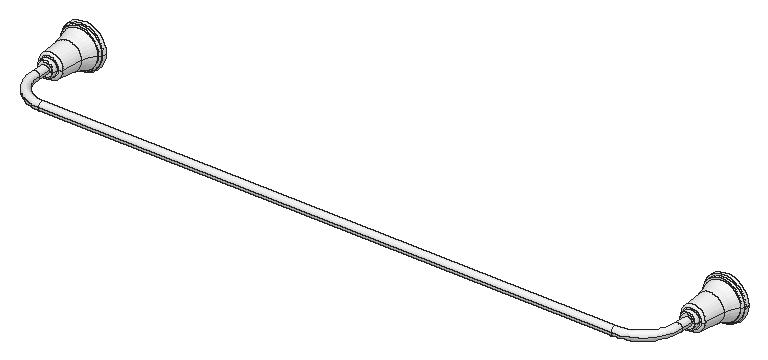
Revit family "Reece_Accessory_Posh_Canterbury_Single Towel Rail", category Plumbing Fixtures, Revit 2018
Family settings
  Round Connector Dimension = Use Diameter
  Part Type = Normal
  Work Plane-Based = Yes
  Always vertical = Yes
  Cut with Voids When Loaded = Yes
  Shared = Yes
  Room Calculation Point = Yes
Parameters (values of type "750 mm_Chrome")
  URL = "https://www.reece.com.au/product/-9508458"
  Type Comments = "Accessory"
  Reece_Product_Web Page = "https://www.reece.com.au/product/-9508458"
  Reece_Product_Type = "Accessory"  # constant formula
  Reece_Product_Sub Brand = "Canterbury"  # constant formula
  Reece_Product_Number = "9508458"
  Reece_Product_Mount = "Wall Mounted"
  Reece_Product_Description = "Posh Canterbury Single Towel Rail 750mm Chrome"
  Reece_Product_Brand = "Posh"  # constant formula
  Reece_Overall_Width = 115.5 mm  # constant formula
  Reece_Overall_Length = 750 mm
  Reece_Overall_Height = 50 mm  # constant formula
  Reece_Material_Main = Reece_Brass_Chrome
  Reece_Height_From_Level [instance] = 1000 mm
  Reece_Detail_Installation = "Wall Mounted"  # constant formula
  Reece_Detail_Disclaimer = "THIS FILE IS THE PROPERTY OF THE REECE GROUP. IT MAY NOT BE REPRODUCED, REVERSE-ENGINEERED OR MODIFIED. ANY REPUBLICATION, TRANSMISSION OR DISTRIBUTION FOR THE PURPOSE OF COMMERCIALLY EXPLOITING THE FILES IS PROHIBITED."  # constant formula
  Reece_Detail_Additional = "Single Towel Rail"  # constant formula
  Model = "Canterbury"
  Manufacturer = "Posh"
  Keynote = "Product #9508458, Reece_Accessory_Posh_Canterbury_Single Towel Rail - 750 mm_Chrome"
  Disclaimer = "THIS FILE IS THE PROPERTY OF THE REECE GROUP. IT MAY NOT BE REPRODUCED, REVERSE-ENGINEERED OR MODIFIED. ANY REPUBLICATION, TRANSMISSION OR DISTRIBUTION FOR THE PURPOSE OF COMMERCIALLY EXPLOITING THE FILES IS PROHIBITED."  # constant formula
  Description = "Posh Canterbury Single Towel Rail 750mm Chrome"
  Default Elevation = 0 mm
Types (9, lengths in mm): name | URL | Reece_Product_Web Page | Reece_Product_Number | Reece_Product_Description | Reece_Overall_Length | Reece_Material_Main | Keynote | Description
  750 mm_Chrome | "https://www.reece.com.au/product/-9508458" | "https://www.reece.com.au/product/-9508458" | "9508458" | "Posh Canterbury Single Towel Rail 750mm Chrome" | 750 | Reece_Brass_Chrome | "Product #9508458, Reece_Accessory_Posh_Canterbury_Single Towel Rail - 750 mm_Chrome" | "Posh Canterbury Single Towel Rail 750mm Chrome"
  750 mm_Matte Black | "https://www.reece.com.au/product/-9509190" | "https://www.reece.com.au/product/-9509190" | "9509190" | "Posh Canterbury Single Towel Rail 750mm Matte Black" | 750 | Reece_Brass_Matte Black | "Product #9509190, Reece_Accessory_Posh_Canterbury_Single Towel Rail - 750 mm_Matte Black" | "Posh Canterbury Single Towel Rail 750mm Matte Black"
  900 mm_Brass Gold | "https://www.reece.com.au/product/-9508461" | "https://www.reece.com.au/product/-9508461" | "9508461" | "Posh Canterbury Single Towel Rail 900mm Polished Brass Gold" | 900 | Reece_Brass_Gold | "Product #9508461, Reece_Accessory_Posh_Canterbury_Single Towel Rail - 900 mm_Brass Gold" | "Posh Canterbury Single Towel Rail 900mm Brass Gold"
  750 mm_Brass Gold | "https://www.reece.com.au/product/-9508459" | "https://www.reece.com.au/product/-9508459" | "9508459" | "Posh Canterbury Single Towel Rail 750mm Polished Brass Gold" | 750 | Reece_Brass_Gold | "Product #9508459, Reece_Accessory_Posh_Canterbury_Single Towel Rail - 750 mm_Brass Gold" | "Posh Canterbury Single Towel Rail 750mm Brass Gold"
  900 mm_Chrome | "https://www.reece.com.au/product/-9508460" | "https://www.reece.com.au/product/-9508460" | "9508460" | "Posh Canterbury Single Towel Rail 900mm Chrome" | 900 | Reece_Brass_Chrome | "Product #9508460, Reece_Accessory_Posh_Canterbury_Single Towel Rail - 900 mm_Chrome" | "Posh Canterbury Single Towel Rail 900mm Chrome"
  900 mm_Matte Black | "https://www.reece.com.au/product/-9509191" | "https://www.reece.com.au/product/-9509191" | "9509191" | "Posh Canterbury Single Towel Rail 900mm Matte Black" | 900 | Reece_Brass_Matte Black | "Product #9509191, Reece_Accessory_Posh_Canterbury_Single Towel Rail - 900 mm_Matte Black" | "Posh Canterbury Single Towel Rail 900mm Matte Black"
  300 mm_Brass Gold | "https://www.reece.com.au/product/-9508457" | "https://www.reece.com.au/product/-9508457" | "9508457" | "Posh Canterbury Single Towel Rail 300mm Polished Brass Gold" | 300 | Reece_Brass_Gold | "Product #9508457, Reece_Accessory_Posh_Canterbury_Single Towel Rail - 300 mm_Brass Gold" | "Posh Canterbury Single Towel Rail 300mm Brass Gold"
  300 mm_Chrome | "https://www.reece.com.au/product/-9508456" | "https://www.reece.com.au/product/-9508456" | "9508456" | "Posh Canterbury Single Towel Rail 300mm Chrome" | 300 | Reece_Brass_Chrome | "Product #9508456, Reece_Accessory_Posh_Canterbury_Single Towel Rail - 300 mm_Chrome" | "Posh Canterbury Single Towel Rail 300mm Chrome"
  300 mm_Matte Black | "https://www.reece.com.au/product/-9509189" | "https://www.reece.com.au/product/-9509189" | "9509189" | "Posh Canterbury Single Towel Rail 300mm Matte Black" | 300 | Reece_Brass_Matte Black | "Product #9509189, Reece_Accessory_Posh_Canterbury_Single Towel Rail - 300 mm_Matte Black" | "Posh Canterbury Single Towel Rail 300mm Matte Black"
Reference planes
  plane 1 "Center (Front/Back)": y = 0
  plane 2 "Bottom Host Plane": z = -5
  plane 3 "Center (Left/Right)": x = 0
  plane 4 "Height From Floor": z = 1000
  plane 5 "Top": z = 1025
  plane 6 "Bottom": z = 975
  plane 7: x = 375
  plane 8: x = -375
  plane 9: y = -115.5
  plane 10: x = -370.25
  plane 11: x = 370.25
Forms (mm)
  Sweep 1, solid, material "Reece_Brass_Chrome" <- "Reece_Material_Main"
    path origin (0, 0, 1000) x (-1, 0, 0) y (0, -1, 0)
      loop
        line (375, 44.796) -> (375, 70.5)
        arc (375, 70.5) -> (361.82, 102.32) -> (330, 115.5) r 45
        line (330, 115.5) -> (-330, 115.5)
        arc (-330, 115.5) -> (-361.82, 102.32) -> (-375, 70.5) r 45
        line (-375, 70.5) -> (-375, 44.796)
    profile origin (-375, -57.648, 1000) x (1, 0, 0) y (0, 0, 1)
      loop
        circle (4.75, 0) r 4.75
  Revolve 2, solid, material "Reece_Brass_Chrome" <- "Reece_Material_Main"
    sketch origin (79.75, 0, 1000) x (-1, 0, 0) y (0, -1, 0)
      loop
        arc (475, 0) -> (474.877, 1.689) -> (474.31, 3.285) r 6.319
        arc (474.31, 3.285) -> (473.841, 3.751) -> (473.187, 3.853) r 1.071
        arc (473.187, 3.853) -> (473.004, 5.387) -> (472.295, 6.76) r 4.347
        arc (472.295, 6.76) -> (471.804, 7.102) -> (471.205, 7.098) r 0.989
        arc (471.205, 7.098) -> (467.81, 15.378) -> (465.942, 24.131) r 50.139
        arc (465.942, 24.131) -> (464.652, 35.886) -> (463.635, 47.668) r 508.618
        arc (463.635, 47.668) -> (462.833, 49.335) -> (461.11, 50.011) r 2.532
        line (461.11, 50.011) -> (458.661, 50.011)
        arc (458.661, 50.011) -> (459.461, 53.011) -> (458.893, 56.062) r 7.033
        arc (458.893, 56.062) -> (458.616, 56.393) -> (458.203, 56.516) r 0.751
        line (458.203, 56.516) -> (450, 56.516) -> (450, 0) -> (475, 0)
      axis (450, 0) -> (450, 56.516)
    angle from 0 to 360
  Revolve 3, solid, material "Reece_Brass_Chrome" <- "Reece_Material_Main"
    sketch origin (-79.75, 0, 1000) x (-1, 0, 0) y (0, -1, 0)
      loop
        line (-475, 0) -> (-450, 0) -> (-450, 56.516) -> (-458.203, 56.516)
        arc (-458.203, 56.516) -> (-458.616, 56.393) -> (-458.893, 56.062) r 0.751
        arc (-458.893, 56.062) -> (-459.461, 53.011) -> (-458.661, 50.011) r 7.033
        line (-458.661, 50.011) -> (-461.11, 50.011)
        arc (-461.11, 50.011) -> (-462.833, 49.335) -> (-463.635, 47.668) r 2.532
        arc (-463.635, 47.668) -> (-464.652, 35.886) -> (-465.942, 24.131) r 508.618
        arc (-465.942, 24.131) -> (-467.81, 15.378) -> (-471.205, 7.098) r 50.139
        arc (-471.205, 7.098) -> (-471.804, 7.102) -> (-472.295, 6.76) r 0.989
        arc (-472.295, 6.76) -> (-473.004, 5.387) -> (-473.187, 3.853) r 4.347
        arc (-473.187, 3.853) -> (-473.84, 3.751) -> (-474.31, 3.286) r 1.071
        arc (-474.31, 3.286) -> (-474.877, 1.69) -> (-475, 0) r 6.319
      axis (-450, 0) -> (-450, 56.516)
    angle from 0 to 360
Cuts and joins
  joined: Sweep 1, Revolve 2, Revolve 3
Lines and regions (mm)
  model lines, style "InvisibleLines"
    curve 1: line (0, 0, -5) -> (0, 0, 1000)
Text (mm)
  text "Reece ©" at (2668.853, -2395.367, 2952.593), in view "Reece Preview"
  text "Reece Copyright © 2018, Reece Ltd." at (-247.475, -190.626, 0), in view "Ref. Level"
Dimensions and locks
  plane 2 "Bottom Host Plane" to level = 5 mm
  locked: level to plane 2 "Bottom Host Plane" at 5
  "Reece_Height_From_Level": plane 4 "Height From Floor" to level
  "Reece_Overall_Height": plane 5 "Top" to plane 6 "Bottom"
  equal spacing: plane 8, plane 3 "Center (Left/Right)", plane 7
  "Reece_Overall_Length": plane 8 to plane 7
  locked: plane 5 "Top" to plane 4 "Height From Floor" at 25
  "Reece_Overall_Width": plane 9 to plane 1 "Center (Front/Back)"
  locked: plane 8 to plane 10 at 4.75
  locked: plane 11 to plane 7 at 4.75
  aligned and locked: plane 2 "Bottom Host Plane" to curve 1
  aligned and locked: plane 4 "Height From Floor" to curve 1
Automatic sketch dimensions
  curve 1 to plane 3 "Center (Left/Right)" = 0 mm
  Sweep 1 sketch curve to profile plane = 0 mm
  Sweep 1 sketch curve to profile plane = 4.75 mm
  plane 1 "Center (Front/Back)" to Revolve 2 sketch curve = 0 mm
  Revolve 2 sketch curve to plane 8 = 4.75 mm
  Revolve 2 sketch curve to Revolve 2 sketch curve = 0.458 mm
  Revolve 2 sketch curve to Revolve 2 sketch curve = 2.449 mm
  plane 1 "Center (Front/Back)" to Revolve 2 sketch curve = 0.391 mm
  Revolve 2 sketch curve to Revolve 2 sketch curve = 18.693 mm
  Revolve 2 sketch curve to Revolve 2 sketch curve = 0.155 mm
  Revolve 2 sketch curve to Revolve 2 sketch curve = 2.662 mm
  Revolve 2 sketch curve to Revolve 2 sketch curve = 1.846 mm
  Revolve 2 sketch curve to Revolve 2 sketch curve = 1.643 mm
  plane 1 "Center (Front/Back)" to Revolve 2 sketch curve = 30.18 mm
  Revolve 2 sketch curve to Revolve 2 sketch curve = 44.204 mm
  plane 9 to Revolve 2 sketch curve = 29.999 mm
  Revolve 2 sketch curve to Revolve 2 sketch curve = 455.129 mm
  plane 1 "Center (Front/Back)" to Revolve 2 sketch curve = 2.795 mm
  Revolve 2 sketch curve to Revolve 2 sketch curve = 3.721 mm
  Revolve 2 sketch curve to Revolve 2 sketch curve = 2.045 mm
  Revolve 2 sketch curve to Revolve 2 sketch curve = 41.322 mm
  Revolve 2 sketch curve to Revolve 2 sketch curve = 2.532 mm
  Revolve 2 sketch curve to Revolve 2 sketch curve = 3.269 mm
  Revolve 2 sketch curve to Revolve 2 sketch curve = 5.754 mm
  Revolve 2 sketch curve to Revolve 2 sketch curve = 0 mm  (x4)
  Revolve 2 sketch curve to Revolve 2 sketch curve = 0.306 mm
  Revolve 2 sketch curve to Revolve 2 sketch curve = 0.17 mm
  Revolve 2 sketch curve to plane 1 "Center (Front/Back)" = 12.283 mm
  Revolve 2 sketch curve to Revolve 2 sketch curve = 0.301 mm
  plane 1 "Center (Front/Back)" to Revolve 3 sketch curve = 0 mm
  plane 9 to Revolve 3 sketch curve = 29.999 mm
  plane 7 to Revolve 3 sketch curve = 516.094 mm
  plane 1 "Center (Front/Back)" to Revolve 3 sketch curve = 30.18 mm
  Revolve 3 sketch curve to Revolve 3 sketch curve = 40.715 mm
  Revolve 3 sketch curve to Revolve 3 sketch curve = 1.643 mm
  Revolve 3 sketch curve to Revolve 3 sketch curve = 1.846 mm
  Revolve 3 sketch curve to Revolve 3 sketch curve = 2.662 mm
  plane 1 "Center (Front/Back)" to Revolve 3 sketch curve = 0.391 mm
  Revolve 3 sketch curve to Revolve 3 sketch curve = 0.155 mm
  Revolve 3 sketch curve to Revolve 3 sketch curve = 10.401 mm
  Revolve 3 sketch curve to Revolve 3 sketch curve = 2.449 mm
  Revolve 3 sketch curve to Revolve 3 sketch curve = 0.458 mm
  Revolve 3 sketch curve to Revolve 3 sketch curve = 2.434 mm
  plane 1 "Center (Front/Back)" to Revolve 3 sketch curve = 2.795 mm
  Revolve 3 sketch curve to Revolve 3 sketch curve = 3.721 mm
  Revolve 3 sketch curve to Revolve 3 sketch curve = 2.045 mm
  Revolve 3 sketch curve to Revolve 3 sketch curve = 41.322 mm
  Revolve 3 sketch curve to Revolve 3 sketch curve = 2.532 mm
  Revolve 3 sketch curve to Revolve 3 sketch curve = 3.269 mm
  Revolve 3 sketch curve to Revolve 3 sketch curve = 5.754 mm
  Revolve 3 sketch curve to Revolve 3 sketch curve = 0 mm  (x3)
  Revolve 3 sketch curve to Revolve 3 sketch curve = 0.17 mm
  Revolve 3 sketch curve to Revolve 3 sketch curve = 0.306 mm
  Revolve 3 sketch curve to Revolve 3 sketch curve = 15.942 mm
  Revolve 3 sketch curve to plane 1 "Center (Front/Back)" = 12.283 mm
  Revolve 3 sketch curve to Revolve 3 sketch curve = 0.301 mm
  Revolve 3 sketch curve to plane 11 = 0 mm  (x2)
  Revolve 3 sketch curve to Revolve 3 sketch curve = 0.751 mm
  plane 8 to Revolve 2 sketch curve = 3.453 mm
  Revolve 2 sketch curve to Revolve 2 sketch curve = 0.751 mm
  Revolve 2 sketch curve to plane 8 = 2.316 mm
  Sweep 1 sketch curve to plane 7 = 0 mm
  Sweep 1 sketch curve to plane 9 = 0 mm
  Sweep 1 sketch curve to plane 8 = 0 mm
  Sweep 1 sketch curve to plane 11 = 40.25 mm
  Sweep 1 sketch curve to plane 10 = 40.25 mm
  Sweep 1 sketch curve to Sweep 1 sketch curve = 25.704 mm  (x2)
  radius of Sweep 1 sketch curve = 4.75 mm
